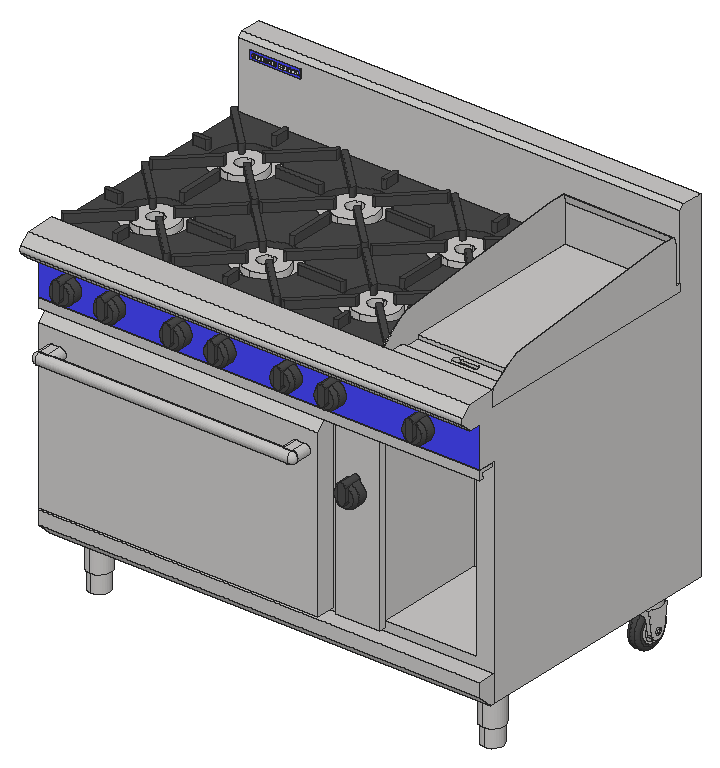
Revit family "QF_MOFFAT_BLUESEAL_CE_G58C", category Specialty Equipment, Revit 2012 (continued)
Lines and regions (mm)
  symbolic lines
    curve 109: arc (636.836, -45.185, 0) -> (631.836, -43.845, 0) -> (628.176, -40.185, 0) r 10
    curve 110: line (628.176, -40.185, 0) -> (624.134, -33.185, 0)
    curve 111: arc (624.134, -33.185, 0) -> (624.134, -23.185, 0) -> (632.794, -18.185, 0) r 10
    curve 112: line (332.794, -18.185, 0) -> (560.753, -18.185, 0)
    curve 113: arc (560.753, -18.185, 0) -> (565.753, -19.525, 0) -> (569.413, -23.185, 0) r 10
    curve 114: line (569.413, -23.185, 0) -> (573.455, -30.185, 0)
    curve 115: arc (573.455, -30.185, 0) -> (573.455, -40.185, 0) -> (564.794, -45.185, 0) r 10
    curve 116: line (564.794, -45.185, 0) -> (336.836, -45.185, 0)
    curve 117: arc (336.836, -45.185, 0) -> (331.836, -43.845, 0) -> (328.176, -40.185, 0) r 10
    curve 118: line (328.176, -40.185, 0) -> (324.134, -33.185, 0)
    curve 119: arc (324.134, -33.185, 0) -> (324.134, -23.185, 0) -> (332.794, -18.185, 0) r 10
    curve 120: line (260.753, -18.185, 0) -> (32.794, -18.185, 0)
    curve 121: arc (32.794, -18.185, 0) -> (24.134, -23.185, 0) -> (24.134, -33.185, 0) r 10
    curve 122: line (24.134, -33.185, 0) -> (28.176, -40.185, 0)
    curve 123: arc (28.176, -40.185, 0) -> (31.836, -43.845, 0) -> (36.836, -45.185, 0) r 10
    curve 124: line (36.836, -45.185, 0) -> (264.794, -45.185, 0)
    curve 125: arc (264.794, -45.185, 0) -> (273.455, -40.185, 0) -> (273.455, -30.185, 0) r 10
    curve 126: line (273.455, -30.185, 0) -> (269.413, -23.185, 0)
    curve 127: arc (269.413, -23.185, 0) -> (265.753, -19.525, 0) -> (260.753, -18.185, 0) r 10
    curve 128: line (0, -57.5, 0) -> (1200, -57.5, 0)
    curve 129: line (0, -783.97, 0) -> (1200, -783.97, 0)
  symbolic lines, style "QF_Door-Drawer Clearances", visible <- "Show Clearance"
    curve 65: line (0, -1218.847, 0) -> (760, -1218.847, 0)
    curve 66: line (760, -1218.847, 0) -> (760, -812, 0)
    curve 67: line (0, -1218.847, 0) -> (0, -812, 0)
Dimensions and locks
  equal spacing: plane 3 "LEFT", plane 7 "Center Y", plane 4 "RIGHT"
  "Width": plane 3 "LEFT" to plane 4 "RIGHT"
  equal spacing: plane 5 "FRONT", plane 8 "Center X", plane 1 "BACK"
  plane 5 "FRONT" to plane 1 "BACK" = 812 mm  (x2)
  equal spacing: plane 4 "RIGHT", plane 7 "Center Y", plane 3 "LEFT"
  plane 4 "RIGHT" to plane 3 "LEFT" = 1200 mm
  "Height": plane 6 "TOP" to level
  plane 10 to plane 1 "BACK" = 574.272 mm
  plane 12 to plane 1 "BACK" = 304.972 mm  (x2)
  plane 11 to plane 3 "LEFT" = 60 mm
  plane 14 to plane 3 "LEFT" = 74 mm
  plane 9 to plane 3 "LEFT" = 280 mm
  "Depth": plane 1 "BACK" to plane 15
  plane 5 "FRONT" to plane 15 = 0 mm
  plane 6 "TOP" to plane 2 = 970 mm
  plane 2 to Extrusion 1 sketch curve = 875 mm
  locked: plane 2 to Extrusion 1 sketch curve at 915
  locked: plane 4 "RIGHT" to plane 16 at 65.5
  Extrusion 8 sketch curve to plane 20 = 64.8 mm
  Extrusion 31 sketch curve to plane 4 "RIGHT" = 374 mm
  Extrusion 31 sketch curve to plane 1 "BACK" = 501 mm
  plane 21 to level = 1085 mm
  Revolve 35 sketch curve to Revolve 35 sketch curve = 50.8 mm
  Revolve 39 sketch curve to Revolve 39 sketch curve = 50.8 mm
  aligned and locked: level to plane 2
  aligned and locked: curve 3 to plane 4 "RIGHT"
  aligned and locked: Extrusion 1 to plane 4 "RIGHT"
  aligned and locked: plane 16 to Revolve 4
  aligned and locked: Extrusion 26 to Extrusion 2
Automatic sketch dimensions
  Extrusion 2 sketch curve to Extrusion 2 sketch curve = 24 mm
  Extrusion 2 sketch curve to Extrusion 2 sketch curve = 50 mm
  level to Extrusion 2 sketch curve = 227.5 mm
  Extrusion 3 sketch curve to Extrusion 3 sketch curve = 15 mm
  level to Extrusion 3 sketch curve = 227.5 mm
  Revolve 4 sketch curve to level = 0 mm
  Revolve 4 sketch curve to plane 10 = 82.478 mm
  Revolve 4 sketch curve to Revolve 4 sketch curve = 4.25 mm
  Revolve 4 sketch curve to Revolve 4 sketch curve = 27.5 mm  (x2)
  level to Revolve 4 sketch curve = 50 mm
  Revolve 4 sketch curve to Revolve 4 sketch curve = 0 mm
  Revolve 4 sketch curve to Revolve 4 sketch curve = 100 mm
  Revolve 4 sketch curve to Revolve 4 sketch curve = 55 mm
  Revolve 5 sketch curve to level = 0 mm
  Revolve 5 sketch curve to plane 10 = 82.478 mm
  Revolve 5 sketch curve to Revolve 5 sketch curve = 4.25 mm
  Revolve 5 sketch curve to Revolve 5 sketch curve = 27.5 mm  (x2)
  Revolve 5 sketch curve to level = 55 mm
  Revolve 5 sketch curve to Revolve 5 sketch curve = 50 mm
  Revolve 5 sketch curve to Revolve 5 sketch curve = 0 mm
  Revolve 5 sketch curve to Revolve 5 sketch curve = 100 mm
  plane 17 to Extrusion 6 sketch curve = 0 mm
  Extrusion 6 sketch curve to plane 16 = 64.5 mm
  Revolve 10 sketch curve to plane 5 "FRONT" = 19 mm
  Revolve 10 sketch curve to Revolve 10 sketch curve = 0 mm  (x2)
  Revolve 10 sketch curve to Revolve 10 sketch curve = 11 mm
  Revolve 10 sketch curve to Revolve 10 sketch curve = 12.7 mm
  Revolve 10 sketch curve to Revolve 10 sketch curve = 23 mm
  Revolve 10 sketch curve to Revolve 10 sketch curve = 10 mm
  plane 18 to Revolve 10 sketch curve = 141.882 mm
  Revolve 10 sketch curve to Revolve 10 sketch curve = 5 mm
  Revolve 10 sketch curve to Revolve 10 sketch curve = 26.651 mm
  Revolve 10 sketch curve to Revolve 10 sketch curve = 5.849 mm
  Revolve 11 sketch curve to plane 5 "FRONT" = 19 mm
  Revolve 11 sketch curve to Revolve 11 sketch curve = 0 mm  (x2)
  Revolve 11 sketch curve to Revolve 11 sketch curve = 11 mm
  Revolve 11 sketch curve to Revolve 11 sketch curve = 12.7 mm
  Revolve 11 sketch curve to Revolve 11 sketch curve = 23 mm
  Revolve 11 sketch curve to Revolve 11 sketch curve = 10 mm
  plane 18 to Revolve 11 sketch curve = 141.882 mm
  Revolve 11 sketch curve to Revolve 11 sketch curve = 5 mm
  Revolve 11 sketch curve to Revolve 11 sketch curve = 26.651 mm
  Revolve 11 sketch curve to Revolve 11 sketch curve = 5.849 mm
  Revolve 12 sketch curve to plane 5 "FRONT" = 19 mm
  Revolve 12 sketch curve to Revolve 12 sketch curve = 0 mm  (x2)
  Revolve 12 sketch curve to Revolve 12 sketch curve = 11 mm
  Revolve 12 sketch curve to Revolve 12 sketch curve = 12.7 mm
  Revolve 12 sketch curve to Revolve 12 sketch curve = 23 mm
  Revolve 12 sketch curve to Revolve 12 sketch curve = 10 mm
  plane 18 to Revolve 12 sketch curve = 174.382 mm
  Revolve 12 sketch curve to Revolve 12 sketch curve = 5.849 mm
  Revolve 12 sketch curve to Revolve 12 sketch curve = 27.5 mm
  Revolve 12 sketch curve to Revolve 12 sketch curve = 5 mm
  Revolve 13 sketch curve to plane 5 "FRONT" = 19 mm
  Revolve 13 sketch curve to Revolve 13 sketch curve = 0 mm  (x2)
  Revolve 13 sketch curve to Revolve 13 sketch curve = 11 mm
  Revolve 13 sketch curve to Revolve 13 sketch curve = 12.7 mm
  Revolve 13 sketch curve to Revolve 13 sketch curve = 23 mm
  Revolve 13 sketch curve to Revolve 13 sketch curve = 10 mm
  plane 18 to Revolve 13 sketch curve = 174.382 mm
  Revolve 13 sketch curve to Revolve 13 sketch curve = 5.849 mm
  Revolve 13 sketch curve to Revolve 13 sketch curve = 27.5 mm
  Revolve 13 sketch curve to Revolve 13 sketch curve = 5 mm
  Revolve 14 sketch curve to plane 5 "FRONT" = 19 mm
  Revolve 14 sketch curve to Revolve 14 sketch curve = 0 mm  (x2)
  Revolve 14 sketch curve to Revolve 14 sketch curve = 11 mm
  Revolve 14 sketch curve to Revolve 14 sketch curve = 12.7 mm
  Revolve 14 sketch curve to Revolve 14 sketch curve = 23 mm
  Revolve 14 sketch curve to Revolve 14 sketch curve = 10 mm
  plane 18 to Revolve 14 sketch curve = 174.382 mm
  Revolve 14 sketch curve to Revolve 14 sketch curve = 5.849 mm
  Revolve 14 sketch curve to Revolve 14 sketch curve = 27.5 mm
  Revolve 14 sketch curve to Revolve 14 sketch curve = 5 mm
  Revolve 15 sketch curve to plane 5 "FRONT" = 19 mm
  Revolve 15 sketch curve to Revolve 15 sketch curve = 0 mm  (x2)
  Revolve 15 sketch curve to Revolve 15 sketch curve = 11 mm
  Revolve 15 sketch curve to Revolve 15 sketch curve = 12.7 mm
  Revolve 15 sketch curve to Revolve 15 sketch curve = 23 mm
  Revolve 15 sketch curve to Revolve 15 sketch curve = 10 mm
  plane 18 to Revolve 15 sketch curve = 174.382 mm
  Revolve 15 sketch curve to Revolve 15 sketch curve = 5.849 mm
  Revolve 15 sketch curve to Revolve 15 sketch curve = 27.5 mm
  Revolve 15 sketch curve to Revolve 15 sketch curve = 5 mm
  Revolve 16 sketch curve to plane 5 "FRONT" = 19 mm
  Revolve 16 sketch curve to Revolve 16 sketch curve = 0 mm  (x2)
  Revolve 16 sketch curve to Revolve 16 sketch curve = 11 mm
  Revolve 16 sketch curve to Revolve 16 sketch curve = 12.7 mm
  Revolve 16 sketch curve to Revolve 16 sketch curve = 23 mm
  Revolve 16 sketch curve to Revolve 16 sketch curve = 10 mm
  plane 18 to Revolve 16 sketch curve = 141.882 mm
  Revolve 16 sketch curve to Revolve 16 sketch curve = 5 mm
  Revolve 16 sketch curve to Revolve 16 sketch curve = 26.651 mm
  Revolve 16 sketch curve to Revolve 16 sketch curve = 5.849 mm
  plane 14 to Extrusion 17 sketch curve = 26.156 mm
  plane 14 to Extrusion 17 sketch curve = 16.156 mm
  plane 18 to Extrusion 17 sketch curve = 168.882 mm
  Extrusion 17 sketch curve to Extrusion 17 sketch curve = 35 mm
  Extrusion 18 sketch curve to plane 9 = 59.844 mm
  Extrusion 18 sketch curve to Extrusion 18 sketch curve = 10 mm
  plane 18 to Extrusion 18 sketch curve = 168.882 mm
  Extrusion 18 sketch curve to Extrusion 18 sketch curve = 35 mm
  plane 9 to Extrusion 19 sketch curve = 120.132 mm
  Extrusion 19 sketch curve to Extrusion 19 sketch curve = 10 mm
  plane 18 to Extrusion 19 sketch curve = 168.882 mm
  Extrusion 19 sketch curve to Extrusion 19 sketch curve = 35 mm
  Extrusion 20 sketch curve to plane 7 "Center Y" = 79.868 mm
  Extrusion 20 sketch curve to Extrusion 20 sketch curve = 10 mm
  plane 18 to Extrusion 20 sketch curve = 168.882 mm
  Extrusion 20 sketch curve to Extrusion 20 sketch curve = 35 mm
  plane 7 "Center Y" to Extrusion 21 sketch curve = 100.108 mm
  Extrusion 21 sketch curve to Extrusion 21 sketch curve = 10 mm
  plane 18 to Extrusion 21 sketch curve = 168.882 mm
  Extrusion 21 sketch curve to Extrusion 21 sketch curve = 35 mm
  plane 7 "Center Y" to Extrusion 22 sketch curve = 220.108 mm
  Extrusion 22 sketch curve to Extrusion 22 sketch curve = 10 mm
  plane 18 to Extrusion 22 sketch curve = 168.882 mm
  Extrusion 22 sketch curve to Extrusion 22 sketch curve = 35 mm
  Extrusion 23 sketch curve to plane 16 = 74.993 mm
  Extrusion 23 sketch curve to Extrusion 23 sketch curve = 10 mm
  plane 18 to Extrusion 23 sketch curve = 168.882 mm
  Extrusion 23 sketch curve to Extrusion 23 sketch curve = 35 mm
  Revolve 24 sketch curve to plane 5 "FRONT" = 54 mm
  Revolve 24 sketch curve to Revolve 24 sketch curve = 0 mm  (x2)
  Revolve 24 sketch curve to Revolve 24 sketch curve = 11 mm
  Revolve 24 sketch curve to Revolve 24 sketch curve = 12.7 mm
  Revolve 24 sketch curve to Revolve 24 sketch curve = 23 mm
  Revolve 24 sketch curve to Revolve 24 sketch curve = 10 mm
  Revolve 24 sketch curve to plane 18 = 104.368 mm
  Revolve 24 sketch curve to Revolve 24 sketch curve = 5 mm
  Revolve 24 sketch curve to Revolve 24 sketch curve = 26.651 mm
  Revolve 24 sketch curve to Revolve 24 sketch curve = 5.849 mm
  plane 7 "Center Y" to Extrusion 25 sketch curve = 227.344 mm
  Extrusion 25 sketch curve to Extrusion 25 sketch curve = 10 mm
  Extrusion 25 sketch curve to plane 18 = 112.368 mm
  Extrusion 25 sketch curve to Extrusion 25 sketch curve = 35 mm
  Extrusion 7 sketch curve to Extrusion 1 = 50 mm
  Extrusion 1 to Extrusion 7 sketch curve = 60.219 mm
  Extrusion 1 to Extrusion 7 sketch curve = 96 mm
  Extrusion 7 sketch curve to Extrusion 7 sketch curve = 250 mm
  Extrusion 26 sketch curve to Extrusion 2 = 0 mm  (x2)
  Extrusion 26 sketch curve to Extrusion 26 sketch curve = 469.847 mm
  Extrusion 27 sketch curve to plane 16 = 0.512 mm
  Extrusion 27 sketch curve to Extrusion 27 sketch curve = 81 mm
  Extrusion 27 sketch curve to plane 17 = 6.76 mm
  Extrusion 27 sketch curve to Extrusion 27 sketch curve = 48.5 mm
  Extrusion 27 sketch curve to plane 1 "BACK" = 30.24 mm
  Extrusion 27 sketch curve to plane 17 = 55.26 mm
  Extrusion 3 sketch curve to plane 5 "FRONT" = 98 mm
  plane 18 to Extrusion 3 sketch curve = 45 mm
  Extrusion 28 sketch curve to plane 11 = 1.472 mm
  Extrusion 28 sketch curve to plane 18 = 46.875 mm  (x2)
  Extrusion 28 sketch curve to Extrusion 28 sketch curve = 15 mm  (x2)
  plane 7 "Center Y" to Extrusion 28 sketch curve = 102.757 mm
  Extrusion 28 sketch curve to Extrusion 28 sketch curve = 20.282 mm  (x2)
  Revolve 29 sketch curve to plane 3 "LEFT" = 6.961 mm
  plane 3 "LEFT" to Revolve 29 sketch curve = 23.246 mm
  Revolve 29 sketch curve to plane 18 = 16.875 mm
  Revolve 29 sketch curve to Revolve 29 sketch curve = 15 mm
  Revolve 29 sketch curve to plane 7 "Center Y" = 11.961 mm
  plane 7 "Center Y" to Revolve 29 sketch curve = 123.039 mm
  Revolve 29 sketch curve to Revolve 29 sketch curve = 0 mm
  Extrusion 30 sketch curve to Extrusion 30 sketch curve = 0 mm  (x13)
  Extrusion 1 to Extrusion 30 sketch curve = 167.5 mm  (x3)
  Extrusion 30 sketch curve to Extrusion 1 = 167.5 mm  (x3)
  Extrusion 1 to Extrusion 30 sketch curve = 150 mm  (x2)
  Extrusion 30 sketch curve to Extrusion 30 sketch curve = 300 mm  (x3)
  plane 22 to Extrusion 8 sketch curve = 0 mm
  Extrusion 8 sketch curve to plane 22 = 3 mm  (x2)
  plane 10 to Extrusion 8 sketch curve = 36.504 mm  (x3)
  plane 12 to Extrusion 8 sketch curve = 67.472 mm  (x3)
  Extrusion 8 sketch curve to plane 17 = 42 mm  (x2)
  plane 4 "RIGHT" to Extrusion 8 sketch curve = 303 mm
  plane 14 to Extrusion 8 sketch curve = 76 mm  (x2)
  Extrusion 8 sketch curve to plane 7 "Center Y" = 150 mm  (x2)
  plane 7 "Center Y" to Extrusion 8 sketch curve = 150 mm  (x2)
  Split face 1 sketch curve to cut or joined group of Extrusion 1, Extrusion 7, Extrusion 27 = 27.315 mm
  Split face 1 sketch curve to cut or joined group of Extrusion 1, Extrusion 7, Extrusion 27 = 926.545 mm
  Split face 1 sketch curve to cut or joined group of Extrusion 1, Extrusion 7, Extrusion 27 = 23.185 mm
  Split face 1 sketch curve to Split face 1 sketch curve = 4.041 mm  (x4)
  Split face 1 sketch curve to Split face 1 sketch curve = 8.66 mm  (x2)
  Split face 1 sketch curve to cut or joined group of Extrusion 1, Extrusion 7, Extrusion 27 = 22.315 mm
  Split face 1 sketch curve to Split face 1 sketch curve = 223.917 mm
  Split face 1 sketch curve to cut or joined group of Extrusion 1, Extrusion 7, Extrusion 27 = 17.315 mm
  Split face 1 sketch curve to Split face 1 sketch curve = 17 mm
  Split face 1 sketch curve to Split face 1 sketch curve = 7 mm
  Split face 2 sketch curve to cut or joined group of Extrusion 1, Extrusion 7, Extrusion 27 = 27.315 mm
  Split face 2 sketch curve to cut or joined group of Extrusion 1, Extrusion 7, Extrusion 27 = 626.545 mm
  Split face 2 sketch curve to cut or joined group of Extrusion 1, Extrusion 7, Extrusion 27 = 23.185 mm
  Split face 2 sketch curve to Split face 2 sketch curve = 4.041 mm  (x4)
  Split face 2 sketch curve to Split face 2 sketch curve = 8.66 mm  (x2)
  Split face 2 sketch curve to cut or joined group of Extrusion 1, Extrusion 7, Extrusion 27 = 22.315 mm
  Split face 2 sketch curve to Split face 2 sketch curve = 223.917 mm
  Split face 2 sketch curve to cut or joined group of Extrusion 1, Extrusion 7, Extrusion 27 = 17.315 mm
  Split face 2 sketch curve to Split face 2 sketch curve = 17 mm
  Split face 2 sketch curve to Split face 2 sketch curve = 7 mm
  Split face 3 sketch curve to cut or joined group of Extrusion 1, Extrusion 7, Extrusion 27 = 27.315 mm
  Split face 3 sketch curve to cut or joined group of Extrusion 1, Extrusion 7, Extrusion 27 = 326.545 mm
  Split face 3 sketch curve to cut or joined group of Extrusion 1, Extrusion 7, Extrusion 27 = 23.185 mm
  Split face 3 sketch curve to Split face 3 sketch curve = 4.041 mm  (x4)
  Split face 3 sketch curve to Split face 3 sketch curve = 8.66 mm  (x2)
  Split face 3 sketch curve to cut or joined group of Extrusion 1, Extrusion 7, Extrusion 27 = 22.315 mm
  Split face 3 sketch curve to Split face 3 sketch curve = 223.917 mm
  Split face 3 sketch curve to cut or joined group of Extrusion 1, Extrusion 7, Extrusion 27 = 17.315 mm
  Split face 3 sketch curve to Split face 3 sketch curve = 17 mm
  Split face 3 sketch curve to Split face 3 sketch curve = 7 mm
  Split face 4 sketch curve to cut or joined group of Extrusion 1, Extrusion 7, Extrusion 27 = 27.315 mm
  Split face 4 sketch curve to cut or joined group of Extrusion 1, Extrusion 7, Extrusion 27 = 26.545 mm
  Split face 4 sketch curve to cut or joined group of Extrusion 1, Extrusion 7, Extrusion 27 = 23.185 mm
  Split face 4 sketch curve to Split face 4 sketch curve = 4.041 mm  (x4)
  Split face 4 sketch curve to Split face 4 sketch curve = 8.66 mm  (x2)
  Split face 4 sketch curve to cut or joined group of Extrusion 1, Extrusion 7, Extrusion 27 = 22.315 mm
  Split face 4 sketch curve to Split face 4 sketch curve = 223.917 mm
  Split face 4 sketch curve to cut or joined group of Extrusion 1, Extrusion 7, Extrusion 27 = 17.315 mm
  Split face 4 sketch curve to Split face 4 sketch curve = 17 mm
  Split face 4 sketch curve to Split face 4 sketch curve = 7 mm
  Extrusion 9 sketch curve to plane 17 = 61.602 mm  (x4)
  plane 9 to Extrusion 9 sketch curve = 4.847 mm  (x3)
  Extrusion 9 sketch curve to Extrusion 9 sketch curve = 0 mm  (x15)
  plane 3 "LEFT" to Extrusion 9 sketch curve = 15.153 mm
  Extrusion 9 sketch curve to plane 7 "Center Y" = 15.153 mm  (x3)
  plane 7 "Center Y" to Extrusion 9 sketch curve = 15.153 mm
  Extrusion 9 sketch curve to Extrusion 9 sketch curve = 4.525 mm  (x36)
  Extrusion 9 sketch curve to plane 17 = 67.398 mm  (x3)
  Extrusion 9 sketch curve to Extrusion 9 sketch curve = 36.204 mm  (x3)
  Extrusion 9 sketch curve to Extrusion 9 sketch curve = 65.923 mm  (x3)
  Extrusion 9 sketch curve to plane 11 = 9.416 mm  (x2)
  Extrusion 9 sketch curve to Extrusion 9 sketch curve = 19.533 mm
  Extrusion 9 sketch curve to Extrusion 9 sketch curve = 20.524 mm  (x11)
  Extrusion 9 sketch curve to Extrusion 9 sketch curve = 6.4 mm  (x17)
  plane 12 to Extrusion 9 sketch curve = 40.548 mm  (x6)
  Extrusion 9 sketch curve to plane 12 = 24.426 mm  (x3)
  Extrusion 9 sketch curve to plane 13 = 7.374 mm  (x6)
  plane 8 "Center X" to Extrusion 9 sketch curve = 8.898 mm  (x6)
  plane 8 "Center X" to Extrusion 9 sketch curve = 4.372 mm  (x6)
  Extrusion 9 sketch curve to plane 8 "Center X" = 43.102 mm  (x3)
  Extrusion 9 sketch curve to Extrusion 9 sketch curve = 55.923 mm  (x9)
  plane 10 to Extrusion 9 sketch curve = 43.646 mm
  plane 10 to Extrusion 9 sketch curve = 43.172 mm  (x3)
  plane 10 to Extrusion 9 sketch curve = 9.848 mm  (x6)
  plane 10 to Extrusion 9 sketch curve = 5.323 mm  (x6)
  Extrusion 9 sketch curve to plane 10 = 65.126 mm  (x3)
  plane 9 to Extrusion 9 sketch curve = 13.898 mm
  Extrusion 9 sketch curve to plane 22 = 32.653 mm  (x4)
  plane 7 "Center Y" to Extrusion 9 sketch curve = 6.102 mm  (x3)
  Extrusion 9 sketch curve to plane 7 "Center Y" = 6.102 mm
  plane 3 "LEFT" to Extrusion 9 sketch curve = 6.102 mm  (x3)
  Extrusion 9 sketch curve to plane 22 = 29.398 mm  (x3)
  plane 3 "LEFT" to Extrusion 9 sketch curve = 16.591 mm  (x2)
  plane 14 to Extrusion 9 sketch curve = 40.025 mm  (x4)
  plane 14 to Extrusion 9 sketch curve = 69.6 mm
  Extrusion 9 sketch curve to Extrusion 9 sketch curve = 53.847 mm  (x12)
  Extrusion 9 sketch curve to plane 9 = 38.102 mm  (x2)
  Extrusion 9 sketch curve to Extrusion 9 sketch curve = 12.205 mm  (x4)
  plane 9 to Extrusion 9 sketch curve = 78.102 mm  (x2)
  Extrusion 9 sketch curve to plane 7 "Center Y" = 58.102 mm  (x2)
  plane 7 "Center Y" to Extrusion 9 sketch curve = 58.102 mm  (x2)
  Extrusion 9 sketch curve to Extrusion 9 sketch curve = 128.447 mm  (x3)
  Extrusion 9 sketch curve to Extrusion 9 sketch curve = 49.974 mm  (x2)
  Extrusion 8 sketch curve to Extrusion 8 sketch curve = 3 mm
  curve 22 to curve 68 = 0 mm
  curve 23 to curve 69 = 0 mm
  curve 23 to curve 84 = 0 mm
  curve 24 to curve 90 = 0 mm
  curve 25 to curve 90 = 0 mm
  curve 31 to curve 86 = 0 mm
  curve 32 to curve 71 = 0 mm  (x2)
  curve 33 to curve 76 = 0 mm  (x2)
  curve 33 to curve 89 = 0 mm
  curve 61 to curve 93 = 0 mm
  curve 62 to curve 93 = 0 mm
  curve 63 to curve 94 = 0 mm
  curve 64 to curve 95 = 0 mm
  curve 68 to curve 85 = 0 mm
  curve 70 to curve 86 = 0 mm
  curve 77 to curve 89 = 0 mm
  plane 1 "BACK" to curve 1 = 0 mm
  curve 1 to plane 3 "LEFT" = 0 mm
  plane 5 "FRONT" to curve 9 = 0 mm
  plane 22 to curve 80 = 0 mm
  curve 82 to plane 7 "Center Y" = 0 mm
  plane 3 "LEFT" to curve 18 = 6.08 mm
  plane 3 "LEFT" to curve 12 = 6.08 mm
  plane 3 "LEFT" to curve 14 = 6.83 mm
  plane 3 "LEFT" to curve 20 = 9.883 mm
  plane 3 "LEFT" to curve 59 = 14.678 mm
  plane 3 "LEFT" to curve 60 = 14.678 mm
  plane 3 "LEFT" to curve 9 = 22.65 mm
  curve 122 to plane 17 = 1.185 mm
  plane 3 "LEFT" to curve 122 = 24.134 mm
  curve 121 to curve 123 = 4.041 mm
  curve 121 to curve 120 = 8.66 mm
  curve 123 to curve 124 = 8.66 mm
  curve 9 to plane 11 = 11.111 mm
  curve 59 to plane 11 = 10.322 mm
  curve 60 to plane 11 = 10.322 mm
  curve 9 to plane 11 = 9.192 mm
  plane 10 to curve 20 = 8.826 mm
  plane 14 to curve 20 = 47.515 mm
  plane 14 to curve 12 = 47.515 mm
  plane 14 to curve 18 = 47.515 mm
  plane 14 to curve 14 = 47.515 mm
  curve 20 to curve 54 = 27.682 mm
  plane 14 to curve 53 = 75.197 mm
  curve 48 to plane 12 = 20.285 mm
  curve 14 to curve 48 = 28.103 mm
  curve 54 to curve 72 = 0.803 mm
  plane 12 to curve 22 = 10.472 mm
  curve 48 to curve 22 = 0.382 mm
  curve 24 to curve 72 = 0 mm
  curve 84 to curve 13 = 28.485 mm
  plane 10 to curve 21 = 8.826 mm
  curve 90 to curve 21 = 28.485 mm
  plane 12 to curve 15 = 39.794 mm
  curve 84 to curve 15 = 28.485 mm
  curve 90 to curve 19 = 28.485 mm
  curve 16 to plane 9 = 42.22 mm
  curve 17 to plane 9 = 42.22 mm
  plane 17 to curve 127 = 3.815 mm
  curve 127 to plane 9 = 19.247 mm
  curve 125 to plane 17 = 3.185 mm
  curve 127 to curve 125 = 4.041 mm
  curve 127 to curve 126 = 8.66 mm
  plane 17 to curve 125 = 1.815 mm
  curve 125 to plane 9 = 6.545 mm
  plane 9 to curve 21 = 11.622 mm
  plane 9 to curve 15 = 12.516 mm
  plane 9 to curve 13 = 13.92 mm
  plane 9 to curve 19 = 13.92 mm
  plane 9 to curve 80 = 20.232 mm
  curve 13 to curve 26 = 12.16 mm
  plane 8 "Center X" to curve 40 = 7.845 mm
  curve 19 to curve 40 = 12.16 mm
  curve 15 to curve 28 = 14.753 mm
  curve 21 to curve 42 = 16.756 mm
  curve 119 to plane 17 = 1.185 mm
  plane 9 to curve 119 = 44.134 mm
  curve 118 to plane 17 = 8.185 mm
  curve 118 to curve 118 = 4.041 mm
  plane 17 to curve 119 = 13.815 mm
  curve 119 to curve 119 = 8.66 mm
  curve 117 to plane 17 = 3.185 mm
  curve 119 to curve 117 = 4.041 mm
  plane 10 to curve 17 = 36.462 mm
  plane 9 to curve 17 = 82.78 mm
  plane 9 to curve 16 = 82.78 mm
  plane 10 to curve 40 = 64.183 mm
  curve 17 to curve 40 = 58.735 mm
  plane 10 to curve 42 = 8.826 mm
  curve 42 to curve 40 = 0 mm
  plane 12 to curve 28 = 39.794 mm
  curve 16 to curve 28 = 58.735 mm
  curve 26 to curve 28 = 0 mm
  curve 56 to plane 22 = 30.193 mm
  curve 42 to curve 56 = 27.682 mm
  curve 26 to curve 55 = 27.682 mm
  curve 49 to plane 12 = 20.285 mm
  curve 28 to curve 49 = 28.103 mm
  curve 26 to curve 87 = 28.485 mm
  curve 40 to curve 61 = 28.485 mm
  curve 56 to curve 75 = 0.803 mm
  plane 12 to curve 29 = 39.794 mm
  curve 87 to curve 29 = 28.485 mm
  plane 10 to curve 43 = 8.826 mm
  curve 92 to curve 43 = 28.485 mm
  curve 87 to curve 27 = 28.485 mm
  curve 92 to curve 41 = 28.485 mm
  curve 30 to plane 7 "Center Y" = 62.22 mm
  curve 51 to plane 7 "Center Y" = 62.22 mm
  plane 17 to curve 113 = 3.815 mm
  curve 113 to plane 7 "Center Y" = 39.247 mm
  curve 115 to plane 17 = 3.185 mm
  curve 113 to curve 115 = 4.041 mm
  plane 17 to curve 113 = 8.815 mm
  plane 17 to curve 115 = 1.815 mm
  curve 29 to plane 7 "Center Y" = 7.327 mm
  curve 43 to plane 7 "Center Y" = 6.445 mm
  curve 41 to plane 7 "Center Y" = 6.08 mm
  curve 27 to plane 7 "Center Y" = 6.08 mm
  plane 7 "Center Y" to curve 35 = 6.08 mm
  plane 7 "Center Y" to curve 44 = 6.08 mm
  plane 7 "Center Y" to curve 46 = 7.19 mm
  plane 7 "Center Y" to curve 37 = 7.348 mm
  curve 110 to plane 17 = 1.185 mm
  plane 7 "Center Y" to curve 110 = 24.134 mm
  curve 111 to curve 109 = 4.041 mm  (x2)
  plane 17 to curve 104 = 13.815 mm
  curve 111 to curve 104 = 8.66 mm
  curve 109 to plane 17 = 3.185 mm
  plane 7 "Center Y" to curve 30 = 62.78 mm
  plane 7 "Center Y" to curve 51 = 62.78 mm
  curve 11 to plane 5 "FRONT" = 14.544 mm
  plane 7 "Center Y" to curve 11 = 118.108 mm
  curve 51 to curve 44 = 58.735 mm
  plane 10 to curve 46 = 8.826 mm
  curve 46 to curve 44 = 0 mm
  curve 30 to curve 35 = 58.735 mm
  plane 12 to curve 37 = 39.794 mm
  curve 37 to curve 35 = 0 mm
  curve 10 to curve 11 = 25.191 mm
  curve 35 to curve 57 = 27.682 mm
  curve 46 to curve 58 = 27.682 mm
  curve 50 to plane 12 = 20.285 mm
  curve 37 to curve 50 = 28.103 mm
  curve 50 to curve 64 = 0.382 mm
  curve 37 to curve 34 = 28.485 mm
  curve 50 to curve 79 = 0.382 mm
  curve 11 to curve 66 = 16.7 mm
  plane 12 to curve 38 = 39.794 mm
  curve 89 to curve 38 = 28.485 mm
  plane 10 to curve 45 = 64.183 mm
  curve 94 to curve 45 = 28.485 mm
  curve 89 to curve 36 = 28.485 mm
  plane 10 to curve 47 = 8.826 mm
  curve 95 to curve 47 = 28.485 mm
  curve 47 to curve 52 = 59.295 mm
  curve 38 to curve 39 = 59.295 mm
  curve 57 to curve 105 = 111.556 mm
  curve 107 to plane 17 = 3.185 mm
  curve 105 to curve 107 = 4.041 mm
  plane 17 to curve 106 = 8.815 mm
  curve 105 to curve 106 = 8.66 mm
  plane 17 to curve 107 = 1.815 mm
  curve 106 to curve 107 = 4.041 mm
  curve 47 to plane 22 = 24.95 mm
  curve 58 to curve 47 = 143.891 mm
  plane 8 "Center X" to curve 45 = 7.845 mm
  curve 52 to curve 45 = 56.14 mm
  curve 38 to plane 13 = 15.641 mm
  curve 38 to curve 45 = 0 mm
  curve 36 to plane 17 = 62.387 mm
  curve 107 to curve 36 = 29.126 mm
  curve 39 to curve 39 = 58.527 mm
  curve 52 to curve 52 = 58.637 mm
  curve 36 to curve 83 = 6.08 mm
  curve 98 to plane 17 = 1.185 mm
  curve 83 to curve 98 = 24.134 mm
  curve 98 to plane 17 = 8.185 mm
  curve 98 to curve 98 = 4.041 mm
  curve 97 to curve 97 = 8.66 mm
  curve 99 to plane 17 = 3.185 mm
  curve 97 to curve 99 = 4.041 mm
  plane 17 to curve 103 = 13.815 mm
  plane 16 to curve 103 = 26.253 mm
  curve 103 to curve 101 = 4.041 mm
  curve 103 to curve 103 = 8.66 mm
  plane 17 to curve 102 = 1.815 mm
  curve 102 to curve 102 = 4.041 mm
  curve 65 to curve 10 = 392.303 mm
  plane 22 to curve 6 = 3.3 mm
  curve 43 to plane 22 = 24.484 mm
  curve 43 to curve 46 = 0.745 mm
  curve 42 to plane 22 = 26.417 mm
  curve 21 to curve 42 = 0 mm
  curve 20 to plane 22 = 27.922 mm
  curve 54 to plane 22 = 30.193 mm
  curve 58 to plane 22 = 30.193 mm
  curve 58 to curve 58 = 40 mm
  curve 54 to curve 54 = 40 mm
  curve 56 to curve 56 = 40 mm
  curve 56 to curve 74 = 12.039 mm
  curve 58 to curve 78 = 12.039 mm
  curve 54 to curve 73 = 12.039 mm
  curve 62 to plane 10 = 20.228 mm
  curve 64 to plane 10 = 20.228 mm
  curve 24 to plane 10 = 20.228 mm
  plane 10 to curve 95 = 14.772 mm
  plane 10 to curve 92 = 14.772 mm
  plane 10 to curve 90 = 14.772 mm
  plane 10 to curve 51 = 36.462 mm
  plane 10 to curve 52 = 36.462 mm
  curve 94 to curve 78 = 21.732 mm
  curve 92 to curve 75 = 21.732 mm
  curve 90 to curve 72 = 21.732 mm
  curve 72 to curve 90 = 0.268 mm
  curve 78 to curve 95 = 0.268 mm
  curve 74 to curve 93 = 0.268 mm
  plane 10 to curve 60 = 37.763 mm
  curve 90 to curve 19 = 5.411 mm
  curve 92 to curve 41 = 5.411 mm
  curve 91 to curve 18 = 5.411 mm
  curve 94 to curve 44 = 5.411 mm
  curve 78 to curve 50 = 2.51 mm
  curve 72 to curve 48 = 2.51 mm
  curve 74 to curve 49 = 2.51 mm
  plane 8 "Center X" to curve 19 = 7.845 mm
  plane 8 "Center X" to curve 41 = 7.845 mm
  plane 8 "Center X" to curve 44 = 7.845 mm
  plane 8 "Center X" to curve 18 = 7.845 mm
  curve 18 to curve 81 = 7.846 mm
  curve 81 to curve 14 = 10.445 mm
  curve 28 to plane 13 = 14.452 mm
  curve 29 to plane 13 = 14.394 mm
  curve 37 to plane 13 = 14.373 mm
  curve 15 to plane 13 = 14.238 mm
  curve 49 to curve 70 = 2.758 mm
  curve 48 to curve 69 = 2.758 mm
  curve 50 to curve 76 = 2.758 mm
  plane 12 to curve 33 = 10.472 mm
  plane 12 to curve 32 = 10.472 mm
  plane 12 to curve 14 = 39.794 mm
  curve 15 to curve 84 = 5.678 mm
  curve 29 to curve 87 = 5.678 mm
  curve 37 to curve 88 = 5.678 mm
  curve 15 to curve 16 = 27.368 mm
  curve 37 to curve 30 = 27.368 mm
  curve 38 to curve 39 = 27.368 mm
  curve 88 to curve 34 = 22 mm
  curve 86 to curve 86 = 22 mm
  curve 84 to curve 23 = 22 mm
  plane 12 to curve 59 = 68.463 mm
  curve 89 to curve 36 = 5.678 mm
  curve 86 to curve 26 = 5.678 mm
  curve 87 to curve 27 = 5.678 mm
  curve 84 to curve 13 = 5.678 mm
  curve 85 to curve 12 = 5.678 mm
  curve 88 to curve 35 = 5.678 mm
  curve 77 to curve 57 = 12.693 mm
  curve 70 to curve 55 = 12.693 mm
  curve 68 to curve 53 = 12.693 mm
  curve 57 to curve 57 = 45 mm
  curve 55 to curve 55 = 45 mm
  curve 53 to curve 53 = 45 mm
  curve 13 to curve 125 = 49.201 mm
  curve 13 to curve 26 = 0 mm
  curve 27 to curve 115 = 49.201 mm
  curve 27 to curve 35 = 0 mm
  curve 12 to curve 123 = 49.201 mm
  curve 26 to curve 80 = 21.653 mm
  curve 8 to curve 4 = 2.734 mm
  curve 122 to curve 121 = 7 mm
  plane 17 to curve 103 = 3.815 mm
  plane 17 to curve 121 = 3.815 mm
  Extrusion 32 sketch curve to plane 17 = 99.75 mm
  Extrusion 32 sketch curve to Extrusion 32 sketch curve = 12.357 mm
  Extrusion 32 sketch curve to Extrusion 32 sketch curve = 19.393 mm  (x2)
  level to Extrusion 32 sketch curve = 45.111 mm
  Extrusion 32 sketch curve to plane 17 = 36.25 mm
  Extrusion 32 sketch curve to Extrusion 32 sketch curve = 4.889 mm
  Extrusion 32 sketch curve to Extrusion 32 sketch curve = 64.889 mm
  Revolve 33 sketch curve to plane 17 = 103.75 mm
  Revolve 33 sketch curve to plane 17 = 68 mm
  Revolve 33 sketch curve to Revolve 33 sketch curve = 35.75 mm
  Revolve 33 sketch curve to level = 55 mm
  level to Revolve 33 sketch curve = 50 mm
  Revolve 33 sketch curve to Revolve 33 sketch curve = 60 mm
  Revolve 33 sketch curve to Revolve 33 sketch curve = 40 mm
  Revolve 34 sketch curve to plane 17 = 103.75 mm
  Revolve 34 sketch curve to plane 17 = 68 mm
  Revolve 34 sketch curve to Revolve 34 sketch curve = 35.75 mm
  level to Revolve 34 sketch curve = 150 mm
  Revolve 34 sketch curve to Revolve 34 sketch curve = 40 mm
  level to Revolve 34 sketch curve = 50 mm
  Revolve 34 sketch curve to level = 55 mm
  Revolve 35 sketch curve to plane 16 = 34.382 mm
  Revolve 35 sketch curve to Revolve 35 sketch curve = 1.27 mm  (x4)
  Revolve 35 sketch curve to Revolve 35 sketch curve = 1.524 mm  (x2)
  Revolve 35 sketch curve to Revolve 35 sketch curve = 12.146 mm  (x2)
  Revolve 35 sketch curve to plane 16 = 16.68 mm
  Revolve 35 sketch curve to Revolve 35 sketch curve = 0.794 mm  (x2)
  Revolve 35 sketch curve to Revolve 35 sketch curve = 3.57 mm
  Revolve 35 sketch curve to Revolve 35 sketch curve = 2.143 mm
  Revolve 35 sketch curve to plane 16 = 6.361 mm
  plane 16 to Revolve 35 sketch curve = 5.13 mm
  plane 16 to Revolve 35 sketch curve = 6.339 mm
  plane 16 to Revolve 35 sketch curve = 14.515 mm
  Revolve 35 sketch curve to Revolve 35 sketch curve = 1.349 mm  (x2)
  Revolve 35 sketch curve to Revolve 35 sketch curve = 3.556 mm
  Revolve 35 sketch curve to plane 4 "RIGHT" = 2.18 mm
  level to Revolve 35 sketch curve = 50.8 mm
  Revolve 35 sketch curve to Revolve 35 sketch curve = 0 mm
  Revolve 35 sketch curve to Revolve 35 sketch curve = 3.505 mm  (x2)
  Revolve 35 sketch curve to Revolve 35 sketch curve = 3.447 mm  (x2)
  Revolve 35 sketch curve to Revolve 35 sketch curve = 9.964 mm
  Revolve 35 sketch curve to Revolve 35 sketch curve = 10.045 mm
  Revolve 35 sketch curve to Revolve 35 sketch curve = 2.053 mm
  Revolve 35 sketch curve to Revolve 35 sketch curve = 2.061 mm
  Revolve 35 sketch curve to Revolve 35 sketch curve = 8.247 mm
  Revolve 35 sketch curve to Revolve 35 sketch curve = 8.336 mm
  Revolve 35 sketch curve to Revolve 35 sketch curve = 6.35 mm  (x2)
  Extrusion 36 sketch curve to plane 17 = 99.75 mm
  Extrusion 36 sketch curve to Extrusion 36 sketch curve = 12.357 mm
  Extrusion 36 sketch curve to Extrusion 36 sketch curve = 19.393 mm  (x2)
  level to Extrusion 36 sketch curve = 45.111 mm
  Extrusion 36 sketch curve to plane 17 = 36.25 mm
  Extrusion 36 sketch curve to Extrusion 36 sketch curve = 4.889 mm
  Extrusion 36 sketch curve to Extrusion 36 sketch curve = 64.889 mm
  Revolve 37 sketch curve to level = 0 mm
  Revolve 37 sketch curve to plane 17 = 99.75 mm
  Revolve 37 sketch curve to Revolve 37 sketch curve = 4.25 mm
  Revolve 37 sketch curve to Revolve 37 sketch curve = 27.5 mm  (x2)
  Revolve 37 sketch curve to level = 55 mm
  Revolve 37 sketch curve to Revolve 37 sketch curve = 50 mm
  Revolve 37 sketch curve to Revolve 37 sketch curve = 0 mm
  Revolve 37 sketch curve to Revolve 37 sketch curve = 100 mm
  Revolve 38 sketch curve to level = 0 mm
  Revolve 38 sketch curve to plane 17 = 99.75 mm
  Revolve 38 sketch curve to Revolve 38 sketch curve = 4.25 mm
  Revolve 38 sketch curve to Revolve 38 sketch curve = 27.5 mm  (x2)
  level to Revolve 38 sketch curve = 50 mm
  Revolve 38 sketch curve to Revolve 38 sketch curve = 0 mm
  Revolve 38 sketch curve to Revolve 38 sketch curve = 100 mm
  Revolve 38 sketch curve to Revolve 38 sketch curve = 55 mm
  plane 14 to Revolve 39 sketch curve = 25.382 mm
  Revolve 39 sketch curve to Revolve 39 sketch curve = 1.27 mm  (x4)
  Revolve 39 sketch curve to Revolve 39 sketch curve = 1.524 mm  (x2)
  plane 14 to Revolve 39 sketch curve = 10.442 mm
  plane 14 to Revolve 39 sketch curve = 7.68 mm
  Revolve 39 sketch curve to Revolve 39 sketch curve = 0.794 mm  (x2)
  Revolve 39 sketch curve to Revolve 39 sketch curve = 3.57 mm
  Revolve 39 sketch curve to Revolve 39 sketch curve = 2.143 mm
  Revolve 39 sketch curve to plane 14 = 2.639 mm
  Revolve 39 sketch curve to plane 11 = 0.13 mm
  Revolve 39 sketch curve to plane 11 = 1.339 mm
  Revolve 39 sketch curve to plane 11 = 9.515 mm
  Revolve 39 sketch curve to Revolve 39 sketch curve = 1.349 mm  (x2)
  Revolve 39 sketch curve to Revolve 39 sketch curve = 3.556 mm
  Revolve 39 sketch curve to Revolve 39 sketch curve = 12.146 mm
  Revolve 39 sketch curve to plane 3 "LEFT" = 2.68 mm
  level to Revolve 39 sketch curve = 101.6 mm
  Revolve 39 sketch curve to Revolve 39 sketch curve = 6.35 mm  (x4)
  Revolve 39 sketch curve to Revolve 39 sketch curve = 8.247 mm
  Revolve 39 sketch curve to Revolve 39 sketch curve = 8.336 mm
  Revolve 39 sketch curve to Revolve 39 sketch curve = 2.061 mm
  Revolve 39 sketch curve to Revolve 39 sketch curve = 2.053 mm
  Revolve 39 sketch curve to Revolve 39 sketch curve = 10.045 mm
  Revolve 39 sketch curve to Revolve 39 sketch curve = 9.964 mm
  Revolve 39 sketch curve to Revolve 39 sketch curve = 3.447 mm  (x2)
  Revolve 39 sketch curve to Revolve 39 sketch curve = 3.505 mm
  curve 4 to curve 128 = 12.5 mm
  curve 129 to plane 5 "FRONT" = 28.03 mm
  Extrusion 1 sketch curve to plane 22 = 0 mm
  Extrusion 1 sketch curve to plane 21 = 0 mm
  Extrusion 1 sketch curve to plane 1 "BACK" = 0 mm
  plane 22 to Extrusion 1 sketch curve = 2.93 mm
  plane 22 to Extrusion 1 sketch curve = 35.224 mm
  Extrusion 1 sketch curve to Extrusion 1 sketch curve = 2.389 mm
  Extrusion 1 sketch curve to Extrusion 1 sketch curve = 6.387 mm
  Extrusion 1 sketch curve to Extrusion 1 sketch curve = 0 mm  (x2)
  Extrusion 1 sketch curve to plane 5 "FRONT" = 28.03 mm
  Extrusion 1 sketch curve to plane 5 "FRONT" = 27.03 mm
  Extrusion 1 sketch curve to plane 5 "FRONT" = 11.991 mm
  Extrusion 1 sketch curve to plane 5 "FRONT" = 3.51 mm  (x2)
  Extrusion 1 sketch curve to plane 22 = 6 mm
  Extrusion 1 sketch curve to plane 21 = 12.5 mm
  Extrusion 1 sketch curve to plane 17 = 38 mm
  Extrusion 1 sketch curve to Extrusion 1 sketch curve = 12.5 mm
  Extrusion 1 sketch curve to Extrusion 1 sketch curve = 41.48 mm
  Extrusion 1 sketch curve to Extrusion 1 sketch curve = 23.52 mm
  plane 18 to Extrusion 1 sketch curve = 85 mm
  Extrusion 1 sketch curve to Extrusion 1 sketch curve = 2.216 mm
  Extrusion 1 sketch curve to Extrusion 1 sketch curve = 7.004 mm
  Extrusion 1 sketch curve to Extrusion 1 sketch curve = 16.999 mm
  Extrusion 1 sketch curve to Extrusion 1 sketch curve = 36.5 mm
  Extrusion 1 sketch curve to Extrusion 1 sketch curve = 8.48 mm
  plane 22 to Extrusion 1 sketch curve = 44 mm
  Extrusion 1 sketch curve to plane 22 = 1.8 mm
  Extrusion 1 sketch curve to Extrusion 1 sketch curve = 36 mm
  level to Extrusion 1 sketch curve = 150 mm
  plane 22 to Extrusion 1 sketch curve = 8 mm
  plane 22 to Extrusion 2 sketch curve = 44 mm
  plane 18 to Extrusion 2 sketch curve = 21 mm
  plane 18 to Extrusion 2 sketch curve = 45 mm
  radius of Extrusion 6 sketch curve = 10 mm
  radius of Extrusion 30 sketch curve = 57 mm  (x6)
  radius of Extrusion 30 sketch curve = 22 mm  (x6)
  radius of Extrusion 31 sketch curve = 6.35 mm
  radius of Extrusion 8 sketch curve = 85 mm  (x6)
Nested families
  nested 1: "WALDORF LOGO_FACE BASE" at (32, -70, 1056.385) x (1, 0, 0) z (0, -1, 0), visible <- "Show Logo", type "WALDORF LOGO_FACE BASE", detail levels medium+fine
    with Show Logo yes
  nested 2: "GAS GRIDDLE PLATE 300" at (900, -85, 874.5), type "GAS GRIDDLE PLATE 300"
    with Width 300 mm, Type Mark "", Status "", Specification by User "", Revision Code "", Item Number "", Installed By "", Identify Quantity as Lot yes, Furnished By "", Foodservice Equipment Identifier yes, Depth 620 mm
Connectors
  piping at (1070, -32, 655)
    settings: on Extrusion 6, index 4, connector radius 0.37402", flow factor 0, pipe flow 0 GPM, pressure drop 0.00 psi, fitting loss kfactor 0, connector angle 0.00°, fixture units 0, engagement length 0 mm, flow configuration 1, flow direction 1, fitting loss method 0, system type 7, joint type 0, gender type 0, connector reference index -1, connector utility 0, adjustable connector no, is connector primary yes, fitting loss table "", connector description "GAS CONNECTION"
  electrical at (826, -501, 148.072), driven by "Volts", driven by "Watts"
    settings: on Extrusion 31, index 5, voltage 230 V, apparent load 130 VA, apparent load phase1 0 VA, apparent load phase2 0 VA, apparent load phase3 0 VA, power factor 1, load classification "Other", number of poles 1, system type 30, power factor state 1, is connector primary yes, connector utility no, sub classification motor no, connector description "ELECTRICAL CONNECTION"
Definition of nested family "WALDORF LOGO_FACE BASE"
  Parameters (values of type "WALDORF LOGO_FACE BASE")
    Show Logo [instance] = yes
    Default Elevation = 1219.2 mm
  Reference planes
    plane 1 "Center (Front/Back)": y = 0
    plane 2: z = 0
    plane 3 "Center (Left/Right)": x = 0
  Forms (mm)
    Extrusion 1, solid
      sketch origin (0, 0, 0) x (1, 0, 0) y (0, 1, 0)
        loop
          line (-1219.2, 1219.2) -> (-1219.2, -1219.2) -> (1219.2, -1219.2) -> (1219.2, 1219.2) -> (-1219.2, 1219.2)
      from 0 to -304.8
    Extrusion 2, solid, material "QF_Finishes_Blue", visible <- "Show Logo"
      sketch origin (0, -33.217, 0) x (1, 0, 0) y (0, 1, 0)
        loop
          arc (138, 31.942) -> (137.626, 32.844) -> (136.724, 33.217) r 1.276
          line (136.724, 33.217) -> (1.29, 33.217)
          arc (1.29, 33.217) -> (0.378, 32.839) -> (0, 31.927) r 1.29
          line (0, 31.927) -> (0, 11.507)
          arc (0, 11.507) -> (0.378, 10.595) -> (1.29, 10.217) r 1.29
          line (1.29, 10.217) -> (136.71, 10.217)
          arc (136.71, 10.217) -> (137.622, 10.595) -> (138, 11.507) r 1.29
          line (138, 11.507) -> (138, 31.942)
      from 0 to 1.588
    Extrusion 3, solid, material "QF_Finishes_White", visible <- "Show Logo"
      sketch origin (0, -33.217, 1.588) x (1, 0, 0) y (0, 1, 0)
        loop
          arc (108.946, 25.919) -> (107.613, 25.367) -> (107.061, 24.034) r 1.885
          line (107.061, 24.034) -> (107.061, 17.211) -> (112.704, 17.211) -> (112.704, 19.129) -> (115.546, 19.129) -> (115.546, 17.211) -> (121.584, 17.211) -> (121.584, 24.075)
          arc (121.584, 24.075) -> (121.043, 25.379) -> (119.739, 25.919) r 1.845
          line (119.739, 25.919) -> (108.946, 25.919)
        loop
          line (123.478, 25.919) -> (123.478, 17.163) -> (134.904, 17.163) -> (134.904, 19.129) -> (129.246, 19.129) -> (129.246, 25.919) -> (123.478, 25.919)
        loop
          line (112.704, 21.258) -> (115.546, 21.258) -> (115.546, 22.702)
          arc (115.546, 22.702) -> (115.344, 23.188) -> (114.858, 23.389) r 0.687
          line (114.858, 23.389) -> (113.363, 23.389)
          arc (113.363, 23.389) -> (112.897, 23.196) -> (112.704, 22.73) r 0.658
          line (112.704, 22.73) -> (112.704, 21.258)
        loop
          line (105.071, 25.919) -> (93.771, 25.919) -> (93.771, 17.163) -> (105.071, 17.163) -> (105.071, 19.063) -> (99.535, 19.063) -> (99.535, 20.437) -> (105.071, 20.437) -> (105.071, 22.278) -> (99.535, 22.278) -> (99.535, 23.587) -> (105.071, 23.587) -> (105.071, 25.919)
        loop
          line (91.104, 25.919) -> (79.541, 25.919)
          arc (79.541, 25.919) -> (78.558, 25.513) -> (78.152, 24.53) r 1.389
          line (78.152, 24.53) -> (78.152, 22.08)
          arc (78.152, 22.08) -> (78.558, 21.098) -> (79.541, 20.691) r 1.389
          line (79.541, 20.691) -> (86.346, 20.691) -> (86.346, 18.864) -> (83.266, 18.864) -> (83.266, 19.664) -> (78.152, 19.664) -> (78.152, 18.553)
          arc (78.152, 18.553) -> (78.558, 17.57) -> (79.541, 17.163) r 1.389
          line (79.541, 17.163) -> (91.063, 17.163)
          arc (91.063, 17.163) -> (92.045, 17.57) -> (92.452, 18.553) r 1.389
          line (92.452, 18.553) -> (92.452, 20.691)
          arc (92.452, 20.691) -> (92.045, 21.673) -> (91.063, 22.08) r 1.389
          line (91.063, 22.08) -> (83.266, 22.08) -> (83.266, 23.984) -> (86.346, 23.984) -> (86.346, 22.743) -> (92.452, 22.743) -> (92.452, 24.571)
          arc (92.452, 24.571) -> (92.057, 25.524) -> (91.104, 25.919) r 1.348
        loop
          line (70.705, 25.919) -> (59.405, 25.919) -> (59.405, 17.163) -> (70.705, 17.163) -> (70.705, 19.063) -> (65.169, 19.063) -> (65.169, 20.437) -> (70.705, 20.437) -> (70.705, 22.278) -> (65.169, 22.278) -> (65.169, 23.587) -> (70.705, 23.587) -> (70.705, 25.919)
        loop
          line (57.598, 25.919) -> (51.7, 25.919) -> (51.7, 20.18)
          arc (51.7, 20.18) -> (50.63, 19.11) -> (49.56, 20.18) r 1.07
          line (49.56, 20.18) -> (49.56, 25.919) -> (43.663, 25.919) -> (43.663, 19.049)
          arc (43.663, 19.049) -> (44.215, 17.716) -> (45.548, 17.163) r 1.885
          line (45.548, 17.163) -> (55.71, 17.163)
          arc (55.71, 17.163) -> (57.045, 17.716) -> (57.598, 19.051) r 1.887
          line (57.598, 19.051) -> (57.598, 25.919)
        loop
          line (31.62, 25.919) -> (31.62, 17.163) -> (43.046, 17.163) -> (43.046, 19.129) -> (37.388, 19.129) -> (37.388, 25.919) -> (31.62, 25.919)
        loop
          line (15.969, 25.919) -> (15.969, 17.163) -> (28.693, 17.163)
          arc (28.693, 17.163) -> (29.812, 17.627) -> (30.276, 18.746) r 1.582
          line (30.276, 18.746) -> (30.276, 20.447) -> (29.48, 21.243) -> (30.276, 22.039) -> (30.276, 24.332)
          arc (30.276, 24.332) -> (29.811, 25.454) -> (28.688, 25.919) r 1.587
          line (28.688, 25.919) -> (15.969, 25.919)
        loop
          line (21.449, 24.159) -> (21.449, 22.436) -> (23.862, 22.436)
          arc (23.862, 22.436) -> (24.723, 23.298) -> (23.862, 24.159) r 0.861
          line (23.862, 24.159) -> (21.449, 24.159)
        loop
          line (21.449, 20.244) -> (21.449, 18.522) -> (23.862, 18.522)
          arc (23.862, 18.522) -> (24.723, 19.383) -> (23.862, 20.244) r 0.861
          line (23.862, 20.244) -> (21.449, 20.244)
      from 0 to 0.2
    Extrusion 4, solid, material "QF_Finishes_Blue", visible <- "Show Logo"
      sketch origin (-126.498, -31.09, 1.588) x (1, 0, 0) y (0, 1, 0)
        loop
          line (136.738, 23.522) -> (136.738, 15.1)
          arc (136.738, 15.1) -> (140.756, 19.311) -> (136.738, 23.522) r 4.216
      from 0 to 0.2
    Extrusion 5, solid, material "QF_Finishes_Red", visible <- "Show Logo"
      sketch origin (146.849, -31.09, 1.588) x (-1, 0, 0) y (0, -1, 0)
        loop
          arc (136.738, -23.522) -> (140.756, -19.311) -> (136.738, -15.1) r 4.216
          line (136.738, -15.1) -> (136.738, -23.522)
      from 0 to 0.2
  Lines and regions (mm)
    Split face 1
      outline origin (-90.35, -30.793, 1.588) x (1, 0, 0) y (0, 1, 0)
        loop
          circle (100.54, 19.013) r 4.536
  Dimensions and locks
    aligned and locked: plane 2 to Extrusion 1
    aligned and locked: level to Extrusion 1
Definition of nested family "GAS GRIDDLE PLATE 300"
  Parameters (values of type "GAS GRIDDLE PLATE 300")
    Width [instance] = 300 mm
    Weight in Pounds = 0
    URL Cutsheet = ""
    Type Mark [instance] = ""
    Status [instance] = ""
    Specification by User [instance] = ""
    Specification by Manufacturer = ""
    Serial Number = ""
    Seismic Rating = ""
    SMACNA No = ""
    Revision Code [instance] = ""
    Omniclass Number and Title = ""
    NAFEM Spec ID Number = ""
    Masterspec = ""
    Item Number [instance] = ""
    Installed By [instance] = ""
    Identify Quantity as Lot [instance] = yes
    Furnished By [instance] = ""
    Foodservice Equipment Identifier [instance] = yes
    Depth [instance] = 620 mm
    CSI MasterFormat = ""
    CSI Master Format = ""
  Reference planes
    plane 1 "BACK": y = 0
    plane 2: z = 0
    plane 3 "LEFT": x = 0
    plane 4 "RIGHT": x = 300
    plane 5 "FRONT": y = -620
    plane 6 "TOP": z = 142.5
    plane 7 "Center Y": x = 150
    plane 8 "Center X": y = -310
    plane 9: y = -530.997
    plane 10: y = -541.497
    plane 11: y = -503.25
    plane 12: y = -557.737
  Forms (mm)
    Extrusion 1, solid, material "QF_Finishes_Stainless Steel"
      sketch origin (0, 70.003, -874.5) x (0, 1, 0) y (0, 0, 1)
        loop
          line (-70, 875) -> (-70, 997.489) -> (-75.228, 1017) -> (-117.24, 1017) -> (-589.533, 971.523)
          arc (-589.533, 971.523) -> (-614.56, 965.803) -> (-637.306, 953.899) r 100
          line (-637.306, 953.899) -> (-690.003, 917) -> (-690.003, 875) -> (-70, 875)
      from 0 to 1.8
    Extrusion 2, solid, material "QF_Finishes_Stainless Steel"
      sketch origin (600, 70.003, -874.5) x (0, -1, 0) y (0, 0, 1)
        loop
          line (70, 875) -> (690.003, 875) -> (690.003, 917) -> (637.306, 953.899)
          arc (637.306, 953.899) -> (614.56, 965.803) -> (589.533, 971.523) r 100
          line (589.533, 971.523) -> (117.24, 1017) -> (75.228, 1017) -> (70, 997.489) -> (70, 875)
      from 300 to 301.2
    Extrusion 3, solid, material "QF_Finishes_Stainless Steel"
      sketch origin (150, 70.003, -874.5) x (0, 1, 0) y (0, 0, 1)
        loop
          line (-55, 895) -> (-573.253, 895) -> (-573.253, 884.5) -> (-627.74, 884.5) -> (-627.74, 895) -> (-690.003, 895) -> (-690.003, 875) -> (-55, 875) -> (-55, 895)
      from -148.2 to 150
    Extrusion 4, void
      sketch origin (150, -541.497, 10) x (0, -1, 0) y (1, 0, 0)
        loop
          arc (-7.497, 25) -> (-17.497, 35) -> (-27.497, 25) r 10
          line (-27.497, 25) -> (-27.497, -25)
          arc (-27.497, -25) -> (-17.497, -35) -> (-7.497, -25) r 10
          line (-7.497, -25) -> (-7.497, 25)
      from -41.4 to 40.142
    Extrusion 5, solid, material "QF_Finishes_Stainless Steel"
      sketch origin (0, 70.003, -874.5) x (0, 1, 0) y (0, 0, 1)
        loop
          line (-70, 875) -> (-70, 997.489) -> (-75.228, 1017) -> (-76.884, 1017) -> (-71.6, 997.278) -> (-71.6, 875) -> (-70, 875)
      from 0 to 298.8
  Cuts and joins
    Extrusion 4 cuts Extrusion 3
    joined: Extrusion 1, Extrusion 2, Extrusion 3, Extrusion 5
  Lines and regions (mm)
    symbolic lines
      curve 1: line (300, -503.25, 0) -> (0, -503.25, 0)
      curve 2: line (0, -557.737, 0) -> (300, -557.737, 0)
      curve 3: line (0, -1.68, 0) -> (300, -1.68, 0)
      curve 4: line (300, -1.68, 0) -> (300, -620, 0)
      curve 5: line (0, -620, 0) -> (0, -1.68, 0)
      curve 6: line (0, -620, 0) -> (300, -620, 0)
      curve 7: arc (175, -534, 0) -> (185, -524, 0) -> (175, -514, 0) r 10
      curve 8: line (175, -514, 0) -> (125, -514, 0)
      curve 9: arc (125, -514, 0) -> (115, -524, 0) -> (125, -534, 0) r 10
      curve 10: line (125, -534, 0) -> (175, -534, 0)
  Dimensions and locks
    equal spacing: plane 3 "LEFT", plane 7 "Center Y", plane 4 "RIGHT"
    "Width": plane 3 "LEFT" to plane 4 "RIGHT"
    equal spacing: plane 5 "FRONT", plane 8 "Center X", plane 1 "BACK"
    "Depth": plane 5 "FRONT" to plane 1 "BACK"
    locked: Extrusion 2 to Extrusion 2 at 1.2
    equal spacing: Extrusion 4 sketch curve, plane 7 "Center Y", Extrusion 4 sketch curve, locked at 35 each
    aligned and locked: level to plane 2
    aligned and locked: Extrusion 2 to plane 4 "RIGHT"
    aligned and locked: curve 1 to plane 11
    aligned and locked: plane 12 to curve 2
    aligned and locked: Extrusion 5 to cut or joined group of Extrusion 1, Extrusion 2, Extrusion 3, Extrusion 4, Extrusion 5
  Automatic sketch dimensions
    Extrusion 1 sketch curve to plane 5 "FRONT" = 0 mm
    Extrusion 1 sketch curve to plane 6 "TOP" = 0 mm
    plane 12 to Extrusion 1 sketch curve = 9.566 mm
    plane 11 to Extrusion 1 sketch curve = 16.28 mm
    Extrusion 1 sketch curve to level = 2.516 mm
    plane 11 to Extrusion 1 sketch curve = 6.695 mm
    plane 1 "BACK" to Extrusion 1 sketch curve = 47.237 mm
    plane 1 "BACK" to Extrusion 1 sketch curve = 5.225 mm
    Extrusion 1 sketch curve to plane 1 "BACK" = 0.003 mm
    level to Extrusion 1 sketch curve = 0.5 mm
    Extrusion 1 sketch curve to Extrusion 1 sketch curve = 42 mm
    Extrusion 1 sketch curve to plane 6 "TOP" = 63.101 mm
    Extrusion 1 sketch curve to plane 6 "TOP" = 19.511 mm
    Extrusion 2 sketch curve to plane 6 "TOP" = 0 mm
    Extrusion 2 sketch curve to plane 5 "FRONT" = 0 mm
    plane 12 to Extrusion 2 sketch curve = 9.566 mm
    plane 11 to Extrusion 2 sketch curve = 16.28 mm
    Extrusion 2 sketch curve to level = 2.516 mm
    plane 11 to Extrusion 2 sketch curve = 6.695 mm
    plane 1 "BACK" to Extrusion 2 sketch curve = 47.237 mm
    plane 1 "BACK" to Extrusion 2 sketch curve = 5.225 mm
    Extrusion 2 sketch curve to plane 1 "BACK" = 0.003 mm
    level to Extrusion 2 sketch curve = 0.5 mm
    Extrusion 2 sketch curve to Extrusion 2 sketch curve = 42 mm
    Extrusion 2 sketch curve to plane 6 "TOP" = 63.101 mm
    Extrusion 2 sketch curve to plane 6 "TOP" = 19.511 mm
    Extrusion 3 sketch curve to plane 5 "FRONT" = 0 mm
    Extrusion 3 sketch curve to plane 12 = 0 mm
    Extrusion 3 sketch curve to plane 11 = 0 mm
    Extrusion 3 sketch curve to plane 1 "BACK" = 15.003 mm
    level to Extrusion 3 sketch curve = 0.5 mm
    level to Extrusion 3 sketch curve = 10 mm
    Extrusion 3 sketch curve to Extrusion 3 sketch curve = 10.5 mm  (x2)
    plane 11 to Extrusion 4 sketch curve = 10.75 mm
    Extrusion 4 sketch curve to Extrusion 4 sketch curve = 10 mm
    Extrusion 4 sketch curve to plane 7 "Center Y" = 25 mm
    plane 1 "BACK" to Extrusion 5 sketch curve = 5.225 mm
    Extrusion 5 sketch curve to plane 1 "BACK" = 0.003 mm
    Extrusion 5 sketch curve to plane 6 "TOP" = 19.511 mm
    Extrusion 5 sketch curve to Extrusion 5 sketch curve = 1.6 mm
    Extrusion 5 sketch curve to Extrusion 5 sketch curve = 0.211 mm
    Extrusion 5 sketch curve to plane 6 "TOP" = 0 mm
    Extrusion 5 sketch curve to Extrusion 5 sketch curve = 1.656 mm
    level to Extrusion 5 sketch curve = 0.5 mm
    curve 6 to plane 3 "LEFT" = 0 mm
    curve 4 to plane 4 "RIGHT" = 0 mm
    plane 5 "FRONT" to curve 6 = 0 mm
    plane 11 to curve 8 = 10.75 mm
    curve 8 to plane 7 "Center Y" = 25 mm
    plane 7 "Center Y" to curve 7 = 25 mm
    curve 10 to curve 7 = 20 mm
    plane 1 "BACK" to curve 3 = 1.68 mm
